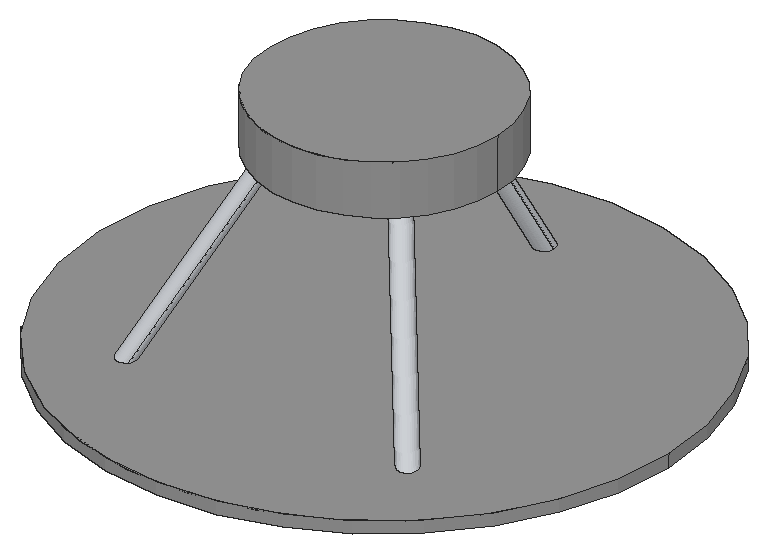
Revit family "URANUS_48W_4000K_4800LM_600DIAM", category Lighting Fixtures, host Ceiling, Revit 2021
Family settings
  Host = Ceiling
  Round Connector Dimension = Use Diameter
  Part Type = Normal
  OmniClass Number = 23.80.70.11
  OmniClass Title = Luminaries for Internal Lighting
  Always vertical = Yes
  Cut with Voids When Loaded = No
  Light Source = Yes
  Shared = No
  Room Calculation Point = No
Parameters (values of type "Type 1")
  Wattage = 32.3141 W
  built-in parameter 1150110 = 1 (stored number, unit not read)
  Type de lampe = "SMD 2835 LM-80"
  Type = "Suspension"
  built-in parameter 1114217 = 1 (stored number, unit not read)
  Tilt Angle = 90.00°
  built-in parameter 1150109 = 1 (stored number, unit not read)
  built-in parameter 1150134 = 12
  built-in parameter 1150113 = 1 (stored number, unit not read)
  Puissance nominale = "48W"
  Photometric Web File = "google_eulumdat_converter (12).ies"
  Matériau = "Aluminium"
  Lumens = 4800 lm
  built-in parameter 1150115 = 1 (stored number, unit not read)
  built-in parameter 1150105 = 381.97 (stored number, unit not read)
  Longueur filins de suspension = "1900 mm"
  built-in parameter 1150137 = (empty or 0)
  built-in parameter 1150139 = (empty or 0)
  built-in parameter 1150112 = 1 (stored number, unit not read)
  built-in parameter 1150114 = 1 (stored number, unit not read)
  built-in parameter 1150132 = 2
  built-in parameter 1150102 = (empty or 0)
  built-in parameter 1150138 = (empty or 0)
  built-in parameter 1150107 = 4000 (stored number, unit not read)
  built-in parameter 1150106 = 3.8197 (stored number, unit not read)
  IRC = ">80"
  Fintion = "Blanc texturé"
  Emit from Circle Diameter = 609.6 mm
  Emit Shape Visible in Rendering = no
  built-in parameter 1150104 = 13.8 (stored number, unit not read)
  Durée de vie = "50 000 heures"
  Driver = "Driver Lifud"
  Dimming Lamp Color Temperature Shift = <None>
  Dimensions = "ø 600 mm; H : 12,5 mm"
  Default Elevation = 0 mm
  Color Filter = 16777215
  built-in parameter 1114218 = 1 (stored number, unit not read)
  built-in parameter 1150133 = 10 (stored number, unit not read)
  Angle d'éclairage = "120°"
  Alimentation luminaire = "1200mA / 27-42V"
  Alimentation Driver = "AC 200-240 V"
Reference planes
  plane 1 "Light Source Axis (F/B)": y = 0
  plane 2: z = 0
  plane 3 "Light Source Axis (L/R)": x = 0
  plane 4 "Ceiling": z = 4000
  plane 5 "Light Source Elevation": z = 3750
Forms (mm)
  Extrusion 1, solid, material "Aluminum, Blanc texturé"
    sketch origin (0, 0, 4000) x (0, 1, 0) y (-1, 0, 0)
      loop
        circle (0, 0) r 300
    from -250 to -237.5
  Extrusion 2, void
    sketch origin (0, 0, 4000) x (0, 1, 0) y (-1, 0, 0)
      loop
        circle (0, 0) r 280
    from -452.028 to -243.496
  Extrusion 3, solid, material "Glass, White, High Luminance"
    sketch origin (0, 0, 4000) x (0, 1, 0) y (-1, 0, 0)
      loop
        circle (0, 0) r 280
    from -250 to -248.079
  Extrusion 4, solid, material "Aluminum, Blanc texturé"
    sketch origin (0, 0, 4000) x (0, 1, 0) y (-1, 0, 0)
      loop
        circle (0, 0) r 120
    from -52.283 to 0
  Blend 5, solid
    base sketch origin (20.766, -11.354, 4000) x (-0.669131, 0.743145, 0) y (-0.743145, -0.669131, 0)
      loop
        circle (-187.094, 1.194) r 10
    top sketch origin (20.766, -11.354, 4000) x (-0.669131, 0.743145, 0) y (-0.743145, -0.669131, 0)
      loop
        circle (-69.632, 0) r 10
    from -237.5 to -52.283
  Blend 6, solid
    base sketch origin (1.636, 21.27, 4000) x (0, 1, 0) y (-1, 0, 0)
      loop
        circle (188.687, 0.818) r 10
    top sketch origin (1.636, 21.27, 4000) x (0, 1, 0) y (-1, 0, 0)
      loop
        circle (69.632, 0) r 10
    from -237.5 to -52.283
  Blend 7, solid
    base sketch origin (-20.766, -11.354, 4000) x (-0.669131, -0.743145, 0) y (0.743145, -0.669131, 0)
      loop
        circle (190.994, -2.978) r 10
    top sketch origin (-20.766, -11.354, 4000) x (-0.669131, -0.743145, 0) y (0.743145, -0.669131, 0)
      loop
        circle (69.632, 0) r 10
    from -237.5 to -52.283
Cuts and joins
  Extrusion 2 cuts Extrusion 1
Lines and regions (mm)
  reference lines
    curve 1: line (0, 0, 3750) -> (0, 0, 3762.5)
    curve 2: line (0, 0, 4000) -> (0, 0, 2100)
    curve 3: line (0, 0, 2100) -> (-60, 0, 2100)
    curve 4: line (0, 0, 4000) -> (250, 0, 4000)
    curve 5: line (250, 0, 4000) -> (250, 40, 4000)
    curve 6: line (0, 0, 4000) -> (300, 0, 4000)
    curve 7: line (300, 0, 4000) -> (300, 20, 4000)
Dimensions and locks
  equal spacing: host sketch curve, plane 3 "Light Source Axis (L/R)", host sketch curve
  equal spacing: host sketch curve, plane 1 "Light Source Axis (F/B)", host sketch curve
  host sketch curve to host sketch curve = 4000 mm  (x2)
  plane 4 "Ceiling" to host ceiling = 0 mm
  aligned and locked: plane 3 "Light Source Axis (L/R)" to imposter light
  aligned and locked: plane 1 "Light Source Axis (F/B)" to imposter light
  aligned and locked: plane 5 "Light Source Elevation" to imposter light
